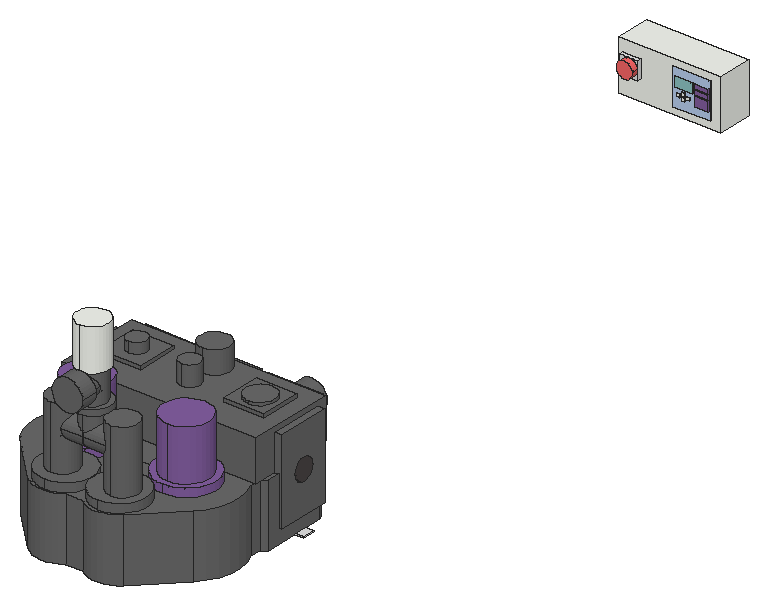
Revit family "11607", category Generic Models, Revit 2021
Family settings
  Can host rebar = No
  Round Connector Dimension = Use Diameter
  Part Type = Normal
  Work Plane-Based = No
  Always vertical = Yes
  Cut with Voids When Loaded = No
  Shared = Yes
  Room Calculation Point = No
Parameters (values of type "11607")
  SUPPLIER = "KESSEL"
  SA700ID50 = "intern"
  SA700ID49 = "Protection Class I"
  SA700ID48 = "no"
  SA700ID47 = "no"
  SA700ID46 = "yes"
  SA700ID37 = 8000 mm
  SA700ID34 = 40
  SA700ID33 = 1.4 W
  SA700ID32 = 58.83 kg
  SA700ID31 = 1
  SA700ID30 = 2
  SA700ID29 = "RWDR"
  SA700ID21 = 800
  SA700ID10 = "yes"
  SA700ID08 = 400 V
  PROCUREWEBLINK = "https://p.caden.as/kessel/11607"
  PROCURELINK = "p.caden.as/kessel/11607"
  PROCUREDATALASTUPDATE = "2024-05-22T12:17:38.998097598+01:00"
  PRC_SPECIFICATIONLINK = "https://ausschreiben.de/catalog/kessel/catalogItem/6db7ef33-879e-4c82-942b-9a51d00ad57a"
  NN = "Lifting station Aqualift F"
  NBSYN = "$SA810ID03."
  NB = "11607"
  Model = "11607"
  Manufacturer = "KESSEL"
  MIdent = "{$CADENAS_DATA/23d-libs/kessel/kessel_vdi_import/4/entwaesserung/hebeanlage20aqualift20f.prj},197 {STYP=ASS},{VTYP=3D},{NB=11607},{LINA=11607},{NN=Lifting station Aqualift F},{DATE=21.11.2022 10:45:45},{GEOMDATE=21.11.2022 10:45:45},{VERSION=},{LINEID=20},{WBVAR=LODLEVEL},{WBNUMERIC=LODLEVEL}  {NB=11607},{LINA=11607},{KT=DUMMY},{PREVIEW=../../bilder/ksb_w_11607.png},{SA700ID04=Hebeanlage Aqualift F Duo, Comfort, SPF 1500-S1, Schieber},{SA810ID06=04026092071052},{SA700ID34=40.00},{SA010ID03=201805},{SA810ID03=11607},{SA810ID10=Die Hebeanlage für fäkalienhaltiges und fäkalienfreies Abwasser ist mit zwei überflutbaren Pumpen sowie einem Rückflussverhinderer ausgestattet. Der Sammelbehälter aus dauerhaft beständigem Kunststoff (PE) bietet universale Anschlussmöglichkeiten und hat eine verschraubte Reinigungsöffnung.Die Steuerung erfolgt durch ein anwenderfreundliches Schaltgerät, das optional über einen potentialfreien Kontakt in die Gebäudeleittechnik eingebunden werden oder Alarm- und Sammelstörmeldungen über eine GSM-Schnittstelle (Comfort Schaltgerät) ausgeben kann.Ausführung:Absperreinrichtung: Schieber aus KunststoffAnlagenart: DoppelanlagePumpensteuerung: SchaltgerätRückflussverhinderer: integriertSchalldämmmatte: jaEinbausituation: freie AufstellungAbwasserart: fäkalienhaltigAllgemeine Merkmale:Farbe: schwarzNorm: EN 12050-1Abmessungen:Länge: 773 mmBreite: 780 mmHöhe: 788 mmBehälter/Grundkörper:Zulauf Anzahl: 2 STZulauf Nennweite (DN): 100 mmZulauf Nennweite (DA): 110 mmZulauf max. Anbohrung (DN): 150 mmAbstand Rohrsohle Zulauf zu Behälterboden: 245 mmAbstand Rohrmitte Auslauf zu Behälterboden: 590 mmAbstand Rohrmitte Zulauf zu Behälterboden: 300 mmAnschluss für Handmembranpumpe (DN): 32Behältervolumen: 120 lDruckabgang: waagerechtDruckabgang (DA): 110 mmDruckabgang (DN): 100 mmEntlüftungsanschluss (DN): 70 mmNutzvolumen: 50 lFreier Kugeldurchgang: 40 mmFördereinrichtung:Pumpe: SPF 1500Anzahl Pumpen: 2Förderhöhe max.: 8 mFörderleistung max.: 40 m3/hBetriebsart: S1Leistung P1: 1,4 kWLeistung P2: 1,1 kWDrehzahl: 1.415 U/minFörderguttemperatur (dauerhaft) max.: 40 °CAnschlusstyp: DirektanschlussGewicht: 27 kgLaufrad Typ: FreistromradLänge Netzanschlussleitung Pumpe: 5 mNennstrom: 2,7 ASchutzart Pumpe: IP 68 (3m/48h)Schutzklasse: ITyp Anschlussleitung Pumpe: H07RN-F 7G 1,5 mm2Temperaturüberwachung: integriertSteuerung:Schaltgerät: ComfortBetriebsspannung: 400 VNetzfrequenz: 50 HzSelbstdiagnosesystem (SDS): jaBatteriepufferung: jaMehrzeilige Displayanzeige: jaLogbuchfunktion: jaGSM-Schnittstelle: jaPotentialfreier Kontakt: jaErforderliche Absicherung (Leitungsschutz): 3 x C 16 AMotorschutz Schalter: jaSchutzart Schaltgerät: IP 54Länge Netzanschlussleitung Schaltgerät: 0 mArt Niveauerfassung: pneumatischInstrument Niveauerfassung: Tauchrohr mit DruckwächterAlarmgeber: Tauchrohr},{SA700ID37=8.00},{SA700ID33=1.40},{SA700ID08=400},{SA700ID30=2},{SA700ID32=58.83},{SA700ID49=Schutzklasse I},{SA700ID50=intern},{SA200ID03=6},{SA250ID03=vertikal},{SA260ID03=Trockenläuferpumpe},{SA350ID03=normalansaugend},{SA400ID03=E-Motor für Drehstrom},{SA460ID03=direkt},{SA500ID03=Kunststoff, Edelstahl},{SA700ID06=100},{SA700ID07=100},{SA700ID09=3/N/PE 400V},{SA700ID10=Ja},{SA700ID11=50},{SA700ID12=IP 68},{SA700ID13=F},{SA700ID15=40},{SA700ID21=800.00},{SA700ID22=1.10},{SA700ID23=1415},{SA700ID24=1415},{SA700ID26=2.70},{SA700ID27=21.00},{SA700ID28=durchgehend},{SA700ID29=RWDR},{SA700ID31=1},{SA700ID46=ja},{SA700ID47=nein},{SA700ID48=nein},{SA110ID04=Hebeanlage Aqualift F},{SA300ID03=einstufig},{SA700ID44=10.00},{SA700ID45=10.00},{SA010ID04=KESSEL AG},{LODLEVEL=200},{LINK=https://www.kessel.de/info?han=11607},{SA970ID01=970},{SA970ID02=7038},{SA970ID03=11607},{SA970ID04=11002617},{SA970ID05=QUAD},{SA970ID06=-409.99},{SA970ID07=-686},{SA970ID08=0},{SA970ID09=1},{SA970ID10=0},{SA970ID11=0},{SA970ID12=0},{SA970ID13=1},{SA970ID14=0},{SA970ID15=819.99},{SA970ID16=851},{SA970ID17=798.99},{LODLEVEL_=200,'Low'},{LODLEVEL_DEU=200,'Low'},{LINK_=https://www.kessel.de/info?han=11607},{LINK_DEU=https://www.kessel.de/info?han=11607},{LODLEVEL_3DB=11607_200},{DNIN1=100},{DNIN2=70},{DNIN3=10},{DNIN4=10},{DNIN5=10},{DNIN6=50},{DNIN7=50},{DNIN8=50},{DNIN9=50},{DNOUT1=100},{DNOUT2=70},{DNOUT3=32},{ISDIN1=75},{ISDIN2=83.200},{ISDIN3=10},{ISDOUT1=60.000},{ISDOUT2=73.200},{ISDOUT3=75},{SA010ID01=010},{SA010ID02=4},{SA010ID06=www.kessel.de},{SA010ID07=www.kessel.de},{SA010ID12=20180713},{SA010ID13=DEU},{SA010ID14=DE},{SA100ID01=100},{SA100ID02=4},{SA100ID04=Entwässerung},{SA110ID01=110},{SA110ID02=4},{SA200ID01=200},{SA200ID02=6},{SA250ID01=250},{SA250ID02=2},{SA260ID01=260},{SA260ID02=2},{SA300ID01=300},{SA300ID02=1},{SA350ID01=350},{SA350ID02=1},{SA400ID01=400},{SA400ID02=2},{SA460ID01=460},{SA460ID02=1},{SA500ID01=500},{SA500ID02=1},{SA700ID01=700},{SA700ID02=8},{SA700ID10_=1},{SA700ID16=0},{SA700ID25=0},{SA700ID46_=1},{SA700ID47_=0},{SA700ID48_=0},{SA700ID49_=1},{SA700ID50_=2},{SA800ID01=800},{SA800ID02=8},{SA810ID01=810},{SA810ID02=8},{SA810ID04=11607},{SA810ID07=8},{SA810ID09=1},{SA810ID14=PCE},{SA810ID15=1},{SA810ID16=NMP},{SA960ID03=8},{SA960ID04=3L},{SA960ID08=https://www.kessel.de/info?han=11607},{SA010ID08=4026092000007},{SA100ID05=Hebeanlage},{SA110ID06=Hebeanlage}"
  LINK = "https://www.kessel.de/info?han=11607"
  LINA = "11607"
  Default Elevation = 0 mm
  CREATOR = "CADENAS GmbH"
  CATALOG = "KESSEL"
  BOMINFO = "LINA"
  ARTICLENO = "NB"
  4.810.00.9 Order quantity (multiplicator) = "1"
  4.810.00.7 Media- connection number = "8"
  4.810.00.6 GTIN number = "04026092071052"
  4.810.00.4 DATANORM number = "11607"
  4.810.00.3 Producer order number = "11607"
  4.710.03.7 Mass (net) = 58.83 kg
  4.710.03.6 Height = 788 mm
  4.710.03.5 Width = 780 mm
  4.710.03.4 Length = 773 mm
  4.710.03.3 Type of dimensions = "2"
  4.710.02.8 Area of application of wastewater pump = "1"
  4.710.02.6 Duty type = "S1"
  4.710.02.5 Cutting device = "0"
  4.710.02.4 Attached pump control = "1"
  4.710.02.3 Free passage = 40 mm
  4.710.01.6 Option to connect to building automation = "40"
  4.710.01.5 Load regulation = "0"
  4.710.01.4 Designation of closed-loop control = "50"
  4.710.01.3 Identifier for closed-loop control = "120"
  4.700.00.9 Voltage = 0
  4.700.00.8 Nominal connection size on suction side = "100"
  4.700.00.7 Nominal connection size on pressure side = "100"
  4.700.00.6 Type of connection = "100"
  4.700.00.4 Product indentification = "Hebeanlage Aqualift F Duo, Comfort, SPF 1500-S1, Schieber"
  4.700.00.28 Motor pump shaft = "durchgehend"
  4.700.00.27 Starting current = 21
  4.700.00.26 Maximum power consumption per pump / drive = 2.7
  4.700.00.25 Minimum speed at internal speed adjustment = 0
  4.700.00.24 Nominal speed / maximum speed n = 23.5833
  4.700.00.23 Nominal speed of motor = 23.5833
  4.700.00.22 Maximum shaft output (P2) per pump/drive = 1.1 W
  4.700.00.16 Maximum temperature of pumped medium = 0 °C
  4.700.00.15 Increased safety class = "40 °C"
  4.700.00.13 Type of protection = "F"
  4.700.00.12 Frequency = 0
  4.700.00.11 Stern-/Dreieck-Anlaufschaltung bei Dreiphasenanschluss oder Drehstrom = "50 Hz"
  4.700.00.10 Phase = "1"
  4.500.00.3 Variant / Variant type / Accessories-name = "Kunststoff, Edelstahl"
  4.460.00.3 Variant / Variant type / Accessories-name = "direkt"
  4.400.00.3 Variant / Variant type / Accessories-name = "E-Motor für Drehstrom"
  4.350.00.3 Variant / Variant type / Accessories-name = "normalansaugend"
  4.300.00.3 Variant / Variant type / Accessories-name = "einstufig"
  4.260.00.3 Variant / Variant type / Accessories-name = "Trockenläuferpumpe"
  4.250.00.3 Variant / Variant type / Accessories-name = "vertikal"
  4.200.00.3 Variant / Variant type / Accessories-name = "6"
  4.110.00.6 Product classification = "Hebeanlage"
  4.110.00.4 Product indentification = "Hebeanlage Aqualift F"
  4.100.00.5 Main groups of wares = "Hebeanlage"
  4.100.00.4 Product indentification = "Entwässerung"
  4.010.00.8 Producer ID number = "4026092000007"
  4.010.00.7 Comment = "www.kessel.de"
  4.010.00.6 Web address of the manufacturer = "www.kessel.de"
  4.010.00.4 Manufacturer name = "KESSEL AG"
  4.010.00.3 Date of issuance (month) of guideline = "201805"
  4.010.00.2 Sheet number of the guideline = "4"
  4.010.00.14 Kennungen der Projektländer, für die die Datei gültig ist = "DE"
  4.010.00.13 Sprache der Datei = "DEU"
  4.010.00.12 Stand des Herstellerkatalogs = "20180713"
Reference planes
  plane 1 "Center (Front/Back)": y = 0
  plane 2: z = 0
  plane 3 "Center (Left/Right)": x = 0
Dimensions and locks
  aligned and locked: level to plane 2
Nested families
  nested 1: "11607_content" at (0, 0, 0), type "11607_Content"
  nested 2: "11607_part1_X0Y0" at (1000, 1000, 1200), type "11607_PART1_X0Y0"
  nested 3: "11607_part2_X0Y0" at (0, 0, 0), type "11607_PART2_X0Y0"
Connectors
  electrical at (861, 933, 1201.5)
    settings: on nested 2, index 1, voltage 0 V, apparent load 0 VA, apparent load phase1 0 VA, apparent load phase2 0 VA, apparent load phase3 0 VA, power factor 1, load classification "Other", number of poles 1, system type 31, power factor state 1, is connector primary yes, connector utility no, sub classification motor no, connector description ""
  piping at (230, 164.99, 301), diameter 100
    settings: on nested 3, index 2, connector inside diameter 609.6 mm, connector length 0 mm, flow factor 0, pipe flow 0.0 L/s, pressure drop 0.0 Pa, fitting loss kfactor 0, connector angle 0.00°, fixture units 0, engagement length 0 mm, angle of deflection 0.00°, flow configuration 0, flow direction 1, fitting loss method 2, system type 29, joint type 0, gender type 0, connector reference index -1, connector utility 0, adjustable connector no, is connector primary yes, connector description ""
  piping at (0, 0, 471), diameter 100
    settings: on nested 3, index 3, connector inside diameter 609.6 mm, connector length 0 mm, flow factor 0, pipe flow 0.0 L/s, pressure drop 0.0 Pa, fitting loss kfactor 0, connector angle 0.00°, fixture units 0, engagement length 0 mm, angle of deflection 0.00°, flow configuration 0, flow direction 1, fitting loss method 2, system type 29, joint type 0, gender type 0, connector reference index -1, connector utility 0, adjustable connector no, is connector primary no, connector description ""
  piping at (391.5, -74.999, 214), diameter 70
    settings: on nested 3, index 4, connector inside diameter 609.6 mm, connector length 0 mm, flow factor 0, pipe flow 0.0 L/s, pressure drop 0.0 Pa, fitting loss kfactor 0, connector angle 0.00°, fixture units 0, engagement length 0 mm, angle of deflection 0.00°, flow configuration 0, flow direction 0, fitting loss method 2, system type 29, joint type 0, gender type 0, connector reference index -1, connector utility 0, adjustable connector no, is connector primary no, connector description ""
  piping at (0.999, 96.5, 214), diameter 70
    settings: on nested 3, index 5, connector inside diameter 609.6 mm, connector length 0 mm, flow factor 0, pipe flow 0.0 L/s, pressure drop 0.0 Pa, fitting loss kfactor 0, connector angle 0.00°, fixture units 0, engagement length 0 mm, angle of deflection 0.00°, flow configuration 0, flow direction 0, fitting loss method 2, system type 29, joint type 0, gender type 0, connector reference index -1, connector utility 0, adjustable connector no, is connector primary no, connector description ""
  piping at (-230.25, 91.49, 214), diameter 70
    settings: on nested 3, index 6, connector inside diameter 609.6 mm, connector length 0 mm, flow factor 0, pipe flow 0.0 L/s, pressure drop 0.0 Pa, fitting loss kfactor 0, connector angle 0.00°, fixture units 0, engagement length 0 mm, angle of deflection 0.00°, flow configuration 0, flow direction 0, fitting loss method 2, system type 29, joint type 0, gender type 0, connector reference index -1, connector utility 0, adjustable connector no, is connector primary no, connector description ""
  piping at (0, -115, 461), diameter 70
    settings: on nested 3, index 7, connector inside diameter 609.6 mm, connector length 0 mm, flow factor 0, pipe flow 0.0 L/s, pressure drop 0.0 Pa, fitting loss kfactor 0, connector angle 0.00°, fixture units 0, engagement length 0 mm, angle of deflection 0.00°, flow configuration 0, flow direction 2, fitting loss method 2, system type 29, joint type 0, gender type 0, connector reference index -1, connector utility 0, adjustable connector no, is connector primary no, connector description ""
  piping at (0, -686, 591), diameter 100
    settings: on nested 3, index 8, connector inside diameter 609.6 mm, connector length 0 mm, flow factor 0, pipe flow 0.0 L/s, pressure drop 0.0 Pa, fitting loss kfactor 0, connector angle 0.00°, fixture units 0, engagement length 0 mm, angle of deflection 0.00°, flow configuration 0, flow direction 2, fitting loss method 2, system type 29, joint type 0, gender type 0, connector reference index -1, connector utility 0, adjustable connector no, is connector primary no, connector description ""
  piping at (230, 164.99, 81.07), diameter 32
    settings: on nested 3, index 9, connector inside diameter 609.6 mm, connector length 0 mm, flow factor 0, pipe flow 0.0 L/s, pressure drop 0.0 Pa, fitting loss kfactor 0, connector angle 0.00°, fixture units 0, engagement length 0 mm, angle of deflection 0.00°, flow configuration 0, flow direction 2, fitting loss method 2, system type 29, joint type 0, gender type 0, connector reference index -1, connector utility 0, adjustable connector no, is connector primary no, connector description ""
  piping at (-391.5, -75, 214), diameter 70
    settings: on nested 3, index 10, connector inside diameter 609.6 mm, connector length 0 mm, flow factor 0, pipe flow 0.0 L/s, pressure drop 0.0 Pa, fitting loss kfactor 0, connector angle 0.00°, fixture units 0, engagement length 0 mm, angle of deflection 0.00°, flow configuration 0, flow direction 0, fitting loss method 2, system type 29, joint type 0, gender type 0, connector reference index -1, connector utility 0, adjustable connector no, is connector primary no, connector description ""
  electrical at (185, -365, 457)
    settings: on nested 3, index 11, voltage 0 V, apparent load 0 VA, apparent load phase1 0 VA, apparent load phase2 0 VA, apparent load phase3 0 VA, power factor 1, load classification "Other", number of poles 1, system type 31, power factor state 1, is connector primary no, connector utility no, sub classification motor no, connector description ""
  electrical at (-185, -364.75, 457)
    settings: on nested 3, index 12, voltage 0 V, apparent load 0 VA, apparent load phase1 0 VA, apparent load phase2 0 VA, apparent load phase3 0 VA, power factor 1, load classification "Other", number of poles 1, system type 31, power factor state 1, is connector primary no, connector utility no, sub classification motor no, connector description ""
  electrical at (-230.6, -74.8, 436.49)
    settings: on nested 3, index 13, voltage 0 V, apparent load 0 VA, apparent load phase1 0 VA, apparent load phase2 0 VA, apparent load phase3 0 VA, power factor 1, load classification "Other", number of poles 1, system type 31, power factor state 1, is connector primary no, connector utility no, sub classification motor no, connector description ""
Definition of nested family "11607_part1_X0Y0"
  Parameters (values of type "11607_PART1_X0Y0")
    SUPPLIER = "KESSEL"
    SA700ID50 = "intern"
    SA700ID49 = "Protection Class I"
    SA700ID48 = "no"
    SA700ID47 = "no"
    SA700ID46 = "yes"
    SA700ID37 = 8000 mm
    SA700ID34 = 40
    SA700ID33 = 1.4 W
    SA700ID32 = 58.83 kg
    SA700ID31 = 1
    SA700ID30 = 2
    SA700ID29 = "RWDR"
    SA700ID21 = 800
    SA700ID10 = "yes"
    SA700ID08 = 400 V
    NBSYN = "$SA810ID03._PART1"
    NB = "11607_PART1"
    Model = "11607_PART1"
    Manufacturer = "KESSEL"
    MIdent = "{$CADENAS_DATA/23d-libs/kessel/kessel_vdi_import/4/entwaesserung/hebeanlage20aqualift20f.prj},217 {VTYP=3D},{NB=11607_PART1},{LINA=11607_PART1},{NN=Lifting station Aqualift F_PART1},{NOPRJ=TRUE},{DATE=21.11.2022 10:45:45},{GEOMDATE=21.11.2022 10:45:45},{VERSION=},{LINEID=20},{WBVAR=LODLEVEL},{WBNUMERIC=LODLEVEL}  {NB=11607_PART1},{LINA=11607_PART1},{KT=DUMMY},{PREVIEW=../../bilder/ksb_w_11607.png},{SA700ID04=Hebeanlage Aqualift F Duo, Comfort, SPF 1500-S1, Schieber},{SA810ID06=04026092071052},{SA700ID34=40.00},{SA010ID03=201805},{SA810ID03=11607},{SA810ID10=Die Hebeanlage für fäkalienhaltiges und fäkalienfreies Abwasser ist mit zwei überflutbaren Pumpen sowie einem Rückflussverhinderer ausgestattet. Der Sammelbehälter aus dauerhaft beständigem Kunststoff (PE) bietet universale Anschlussmöglichkeiten und hat eine verschraubte Reinigungsöffnung.Die Steuerung erfolgt durch ein anwenderfreundliches Schaltgerät, das optional über einen potentialfreien Kontakt in die Gebäudeleittechnik eingebunden werden oder Alarm- und Sammelstörmeldungen über eine GSM-Schnittstelle (Comfort Schaltgerät) ausgeben kann.Ausführung:Absperreinrichtung: Schieber aus KunststoffAnlagenart: DoppelanlagePumpensteuerung: SchaltgerätRückflussverhinderer: integriertSchalldämmmatte: jaEinbausituation: freie AufstellungAbwasserart: fäkalienhaltigAllgemeine Merkmale:Farbe: schwarzNorm: EN 12050-1Abmessungen:Länge: 773 mmBreite: 780 mmHöhe: 788 mmBehälter/Grundkörper:Zulauf Anzahl: 2 STZulauf Nennweite (DN): 100 mmZulauf Nennweite (DA): 110 mmZulauf max. Anbohrung (DN): 150 mmAbstand Rohrsohle Zulauf zu Behälterboden: 245 mmAbstand Rohrmitte Auslauf zu Behälterboden: 590 mmAbstand Rohrmitte Zulauf zu Behälterboden: 300 mmAnschluss für Handmembranpumpe (DN): 32Behältervolumen: 120 lDruckabgang: waagerechtDruckabgang (DA): 110 mmDruckabgang (DN): 100 mmEntlüftungsanschluss (DN): 70 mmNutzvolumen: 50 lFreier Kugeldurchgang: 40 mmFördereinrichtung:Pumpe: SPF 1500Anzahl Pumpen: 2Förderhöhe max.: 8 mFörderleistung max.: 40 m3/hBetriebsart: S1Leistung P1: 1,4 kWLeistung P2: 1,1 kWDrehzahl: 1.415 U/minFörderguttemperatur (dauerhaft) max.: 40 °CAnschlusstyp: DirektanschlussGewicht: 27 kgLaufrad Typ: FreistromradLänge Netzanschlussleitung Pumpe: 5 mNennstrom: 2,7 ASchutzart Pumpe: IP 68 (3m/48h)Schutzklasse: ITyp Anschlussleitung Pumpe: H07RN-F 7G 1,5 mm2Temperaturüberwachung: integriertSteuerung:Schaltgerät: ComfortBetriebsspannung: 400 VNetzfrequenz: 50 HzSelbstdiagnosesystem (SDS): jaBatteriepufferung: jaMehrzeilige Displayanzeige: jaLogbuchfunktion: jaGSM-Schnittstelle: jaPotentialfreier Kontakt: jaErforderliche Absicherung (Leitungsschutz): 3 x C 16 AMotorschutz Schalter: jaSchutzart Schaltgerät: IP 54Länge Netzanschlussleitung Schaltgerät: 0 mArt Niveauerfassung: pneumatischInstrument Niveauerfassung: Tauchrohr mit DruckwächterAlarmgeber: Tauchrohr},{SA700ID37=8.00},{SA700ID33=1.40},{SA700ID08=400},{SA700ID30=2},{SA700ID32=58.83},{SA700ID49=Schutzklasse I},{SA700ID50=intern},{SA200ID03=6},{SA250ID03=vertikal},{SA260ID03=Trockenläuferpumpe},{SA350ID03=normalansaugend},{SA400ID03=E-Motor für Drehstrom},{SA460ID03=direkt},{SA500ID03=Kunststoff, Edelstahl},{SA700ID06=100},{SA700ID07=100},{SA700ID09=3/N/PE 400V},{SA700ID10=Ja},{SA700ID11=50},{SA700ID12=IP 68},{SA700ID13=F},{SA700ID15=40},{SA700ID21=800.00},{SA700ID22=1.10},{SA700ID23=1415},{SA700ID24=1415},{SA700ID26=2.70},{SA700ID27=21.00},{SA700ID28=durchgehend},{SA700ID29=RWDR},{SA700ID31=1},{SA700ID46=ja},{SA700ID47=nein},{SA700ID48=nein},{SA110ID04=Hebeanlage Aqualift F},{SA300ID03=einstufig},{SA700ID44=10.00},{SA700ID45=10.00},{SA010ID04=KESSEL AG},{LODLEVEL=200},{LINK=https://www.kessel.de/info?han=11607},{SA970ID01=970},{SA970ID02=7038},{SA970ID03=11607},{SA970ID04=11002617},{SA970ID05=QUAD},{SA970ID06=-409.99},{SA970ID07=-686},{SA970ID08=0},{SA970ID09=1},{SA970ID10=0},{SA970ID11=0},{SA970ID12=0},{SA970ID13=1},{SA970ID14=0},{SA970ID15=819.99},{SA970ID16=851},{SA970ID17=798.99},{LODLEVEL_=200,'Low'},{LODLEVEL_DEU=200,'Low'},{LINK_=https://www.kessel.de/info?han=11607},{LINK_DEU=https://www.kessel.de/info?han=11607},{LODLEVEL_3DB=11607_200},{DNIN1=100},{DNIN2=70},{DNIN3=10},{DNIN4=10},{DNIN5=10},{DNIN6=50},{DNIN7=50},{DNIN8=50},{DNIN9=50},{DNOUT1=100},{DNOUT2=70},{DNOUT3=32},{ISDIN1=75},{ISDIN2=83.200},{ISDIN3=10},{ISDOUT1=60.000},{ISDOUT2=73.200},{ISDOUT3=75},{SA010ID01=010},{SA010ID02=4},{SA010ID06=www.kessel.de},{SA010ID07=www.kessel.de},{SA010ID12=20180713},{SA010ID13=DEU},{SA010ID14=DE},{SA100ID01=100},{SA100ID02=4},{SA100ID04=Entwässerung},{SA110ID01=110},{SA110ID02=4},{SA200ID01=200},{SA200ID02=6},{SA250ID01=250},{SA250ID02=2},{SA260ID01=260},{SA260ID02=2},{SA300ID01=300},{SA300ID02=1},{SA350ID01=350},{SA350ID02=1},{SA400ID01=400},{SA400ID02=2},{SA460ID01=460},{SA460ID02=1},{SA500ID01=500},{SA500ID02=1},{SA700ID01=700},{SA700ID02=8},{SA700ID10_=1},{SA700ID16=0},{SA700ID25=0},{SA700ID46_=1},{SA700ID47_=0},{SA700ID48_=0},{SA700ID49_=1},{SA700ID50_=2},{SA800ID01=800},{SA800ID02=8},{SA810ID01=810},{SA810ID02=8},{SA810ID04=11607},{SA810ID07=8},{SA810ID09=1},{SA810ID14=PCE},{SA810ID15=1},{SA810ID16=NMP},{SA960ID03=8},{SA960ID04=3L},{SA960ID08=https://www.kessel.de/info?han=11607},{SA010ID08=4026092000007},{SA100ID05=Hebeanlage},{SA110ID06=Hebeanlage}"
    LINK = "https://www.kessel.de/info?han=11607"
    LINA = "11607_PART1"
    Default Elevation = 1219.2 mm
    CREATOR = "CADENAS GmbH"
    CATALOG = "KESSEL"
    BOMINFO = "LINA"
    ARTICLENO = "NB"
    4.810.00.9 Order quantity (multiplicator) = "1"
    4.810.00.7 Media- connection number = "8"
    4.810.00.6 GTIN number = "04026092071052"
    4.810.00.4 DATANORM number = "11607"
    4.810.00.3 Producer order number = "11607"
    4.710.03.7 Mass (net) = 58.83 kg
    4.710.03.6 Height = 788 mm
    4.710.03.5 Width = 780 mm
    4.710.03.4 Length = 773 mm
    4.710.03.3 Type of dimensions = "2"
    4.710.02.8 Area of application of wastewater pump = "1"
    4.710.02.6 Duty type = "S1"
    4.710.02.5 Cutting device = "0"
    4.710.02.4 Attached pump control = "1"
    4.710.02.3 Free passage = 40 mm
    4.710.01.6 Option to connect to building automation = "40"
    4.710.01.5 Load regulation = "0"
    4.710.01.4 Designation of closed-loop control = "50"
    4.710.01.3 Identifier for closed-loop control = "120"
    4.700.00.9 Voltage = 0
    4.700.00.8 Nominal connection size on suction side = "100"
    4.700.00.7 Nominal connection size on pressure side = "100"
    4.700.00.6 Type of connection = "100"
    4.700.00.4 Product indentification = "Hebeanlage Aqualift F Duo, Comfort, SPF 1500-S1, Schieber"
    4.700.00.28 Motor pump shaft = "durchgehend"
    4.700.00.27 Starting current = 21
    4.700.00.26 Maximum power consumption per pump / drive = 2.7
    4.700.00.25 Minimum speed at internal speed adjustment = 0
    4.700.00.24 Nominal speed / maximum speed n = 23.5833
    4.700.00.23 Nominal speed of motor = 23.5833
    4.700.00.22 Maximum shaft output (P2) per pump/drive = 1.1 W
    4.700.00.16 Maximum temperature of pumped medium = 0 °C
    4.700.00.15 Increased safety class = "40 °C"
    4.700.00.13 Type of protection = "F"
    4.700.00.12 Frequency = 0
    4.700.00.11 Stern-/Dreieck-Anlaufschaltung bei Dreiphasenanschluss oder Drehstrom = "50 Hz"
    4.700.00.10 Phase = "1"
    4.500.00.3 Variant / Variant type / Accessories-name = "Kunststoff, Edelstahl"
    4.460.00.3 Variant / Variant type / Accessories-name = "direkt"
    4.400.00.3 Variant / Variant type / Accessories-name = "E-Motor für Drehstrom"
    4.350.00.3 Variant / Variant type / Accessories-name = "normalansaugend"
    4.300.00.3 Variant / Variant type / Accessories-name = "einstufig"
    4.260.00.3 Variant / Variant type / Accessories-name = "Trockenläuferpumpe"
    4.250.00.3 Variant / Variant type / Accessories-name = "vertikal"
    4.200.00.3 Variant / Variant type / Accessories-name = "6"
    4.110.00.6 Product classification = "Hebeanlage"
    4.110.00.4 Product indentification = "Hebeanlage Aqualift F"
    4.100.00.5 Main groups of wares = "Hebeanlage"
    4.100.00.4 Product indentification = "Entwässerung"
    4.010.00.8 Producer ID number = "4026092000007"
    4.010.00.7 Comment = "www.kessel.de"
    4.010.00.6 Web address of the manufacturer = "www.kessel.de"
    4.010.00.4 Manufacturer name = "KESSEL AG"
    4.010.00.3 Date of issuance (month) of guideline = "201805"
    4.010.00.2 Sheet number of the guideline = "4"
    4.010.00.14 Kennungen der Projektländer, für die die Datei gültig ist = "DE"
    4.010.00.13 Sprache der Datei = "DEU"
    4.010.00.12 Stand des Herstellerkatalogs = "20180713"
  Reference planes
    plane 1 "Center (Front/Back)": y = 0
    plane 2: z = 0
    plane 3 "Center (Left/Right)": x = 0
  Dimensions and locks
    aligned and locked: level to plane 2
  Nested families
    nested 1: "11607_part1_content" at (0, 0, 0), type "11607_PART1_Content"
  Definition of nested family "11607_part1_content"
    Parameters (values of type "11607_PART1_Content")
      SUPPLIER = "KESSEL"
      SA700ID50 = "intern"
      SA700ID49 = "Protection Class I"
      SA700ID48 = "no"
      SA700ID47 = "no"
      SA700ID46 = "yes"
      SA700ID37 = 8000 mm
      SA700ID34 = 40
      SA700ID33 = 1.4 W
      SA700ID32 = 58.83 kg
      SA700ID31 = 1
      SA700ID30 = 2
      SA700ID29 = "RWDR"
      SA700ID21 = 800
      SA700ID10 = "yes"
      SA700ID08 = 400 V
      NBSYN = "$SA810ID03._PART1"
      NB = "11607_PART1"
      Model = "11607_PART1"
      Manufacturer = "KESSEL"
      LINK = "https://www.kessel.de/info?han=11607"
      LINA = "11607_PART1"
      Default Elevation = 1219.2 mm
      CREATOR = "CADENAS GmbH"
      CATALOG = "KESSEL"
      BOMINFO = "LINA"
      ARTICLENO = "NB"
      4.810.00.9 Order quantity (multiplicator) = "1"
      4.810.00.7 Media- connection number = "8"
      4.810.00.6 GTIN number = "04026092071052"
      4.810.00.4 DATANORM number = "11607"
      4.810.00.3 Producer order number = "11607"
      4.710.03.7 Mass (net) = 58.83 kg
      4.710.03.6 Height = 788 mm
      4.710.03.5 Width = 780 mm
      4.710.03.4 Length = 773 mm
      4.710.03.3 Type of dimensions = "2"
      4.710.02.8 Area of application of wastewater pump = "1"
      4.710.02.6 Duty type = "S1"
      4.710.02.5 Cutting device = "0"
      4.710.02.4 Attached pump control = "1"
      4.710.02.3 Free passage = 40 mm
      4.710.01.6 Option to connect to building automation = "40"
      4.710.01.5 Load regulation = "0"
      4.710.01.4 Designation of closed-loop control = "50"
      4.710.01.3 Identifier for closed-loop control = "120"
      4.700.00.9 Voltage = 0
      4.700.00.8 Nominal connection size on suction side = "100"
      4.700.00.7 Nominal connection size on pressure side = "100"
      4.700.00.6 Type of connection = "100"
      4.700.00.4 Product indentification = "Hebeanlage Aqualift F Duo, Comfort, SPF 1500-S1, Schieber"
      4.700.00.28 Motor pump shaft = "durchgehend"
      4.700.00.27 Starting current = 21
      4.700.00.26 Maximum power consumption per pump / drive = 2.7
      4.700.00.25 Minimum speed at internal speed adjustment = 0
      4.700.00.24 Nominal speed / maximum speed n = 23.5833
      4.700.00.23 Nominal speed of motor = 23.5833
      4.700.00.22 Maximum shaft output (P2) per pump/drive = 1.1 W
      4.700.00.16 Maximum temperature of pumped medium = 0 °C
      4.700.00.15 Increased safety class = "40 °C"
      4.700.00.13 Type of protection = "F"
      4.700.00.12 Frequency = 0
      4.700.00.11 Stern-/Dreieck-Anlaufschaltung bei Dreiphasenanschluss oder Drehstrom = "50 Hz"
      4.700.00.10 Phase = "1"
      4.500.00.3 Variant / Variant type / Accessories-name = "Kunststoff, Edelstahl"
      4.460.00.3 Variant / Variant type / Accessories-name = "direkt"
      4.400.00.3 Variant / Variant type / Accessories-name = "E-Motor für Drehstrom"
      4.350.00.3 Variant / Variant type / Accessories-name = "normalansaugend"
      4.300.00.3 Variant / Variant type / Accessories-name = "einstufig"
      4.260.00.3 Variant / Variant type / Accessories-name = "Trockenläuferpumpe"
      4.250.00.3 Variant / Variant type / Accessories-name = "vertikal"
      4.200.00.3 Variant / Variant type / Accessories-name = "6"
      4.110.00.6 Product classification = "Hebeanlage"
      4.110.00.4 Product indentification = "Hebeanlage Aqualift F"
      4.100.00.5 Main groups of wares = "Hebeanlage"
      4.100.00.4 Product indentification = "Entwässerung"
      4.010.00.8 Producer ID number = "4026092000007"
      4.010.00.7 Comment = "www.kessel.de"
      4.010.00.6 Web address of the manufacturer = "www.kessel.de"
      4.010.00.4 Manufacturer name = "KESSEL AG"
      4.010.00.3 Date of issuance (month) of guideline = "201805"
      4.010.00.2 Sheet number of the guideline = "4"
      4.010.00.14 Kennungen der Projektländer, für die die Datei gültig ist = "DE"
      4.010.00.13 Sprache der Datei = "DEU"
      4.010.00.12 Stand des Herstellerkatalogs = "20180713"
    Reference planes
      plane 1 "Center (Front/Back)": y = 0
      plane 2: z = 0
      plane 3 "Center (Left/Right)": x = 0
    Forms (mm)
      Extrusion 1, solid, detail levels medium+fine
        sketch origin (189.25, -1.75, 0.2) x (0, -1, 0) y (0, 0, 1)
          loop
            line (0, 187.8) -> (0, 0) -> (127.75, 0) -> (127.75, 187.8) -> (0, 187.8)
        from 0 to 378.5
      Extrusion 2, solid, detail levels medium+fine
        sketch origin (-4, -67, 0) x (0, 1, 0) y (-1, 0, 0)
          loop
            circle (0, 0) r 12.5
        from 0 to 1.5
      Extrusion 3, solid, detail levels medium+fine
        sketch origin (150.8, -129.5, 26.5) x (0, -1, 0) y (0, 0, 1)
          loop
            line (-1.2, 134.8) -> (-1.2, 0) -> (0.25, 0) -> (0.25, 134.8) -> (-1.2, 134.8)
        from 0 to 139.9
      Extrusion 4, solid, detail levels medium+fine
        sketch origin (72.55, -129.75, 66) x (0, -1, 0) y (0, 0, 1)
          loop
            line (-1, 12) -> (-1, 0) -> (0.5, 0) -> (0.5, 12) -> (-1, 12)
        from 0 to 12
      Extrusion 5, solid, detail levels medium+fine
        sketch origin (84.45, -129.75, 93.4) x (0, -1, 0) y (0, 0, 1)
          loop
            line (-1, 37) -> (-1, 0) -> (0.5, 0) -> (0.5, 37) -> (-1, 37)
        from 0 to 66
      Extrusion 6, solid, detail levels medium+fine
        sketch origin (55.3, -129.75, 74) x (0, -1, 0) y (0, 0, 1)
          loop
            line (-1, 12) -> (-1, 0) -> (0.5, 0) -> (0.5, 12) -> (-1, 12)
        from 0 to 12
      Extrusion 7, solid, detail levels medium+fine
        sketch origin (143.3, -129.75, 94.4) x (0, -1, 0) y (0, 0, 1)
          loop
            line (0, 16) -> (0, 0) -> (1.75, 0) -> (1.75, 16) -> (0, 16)
        from 0 to 51
      Extrusion 8, solid, detail levels medium+fine
        sketch origin (143.3, -129.75, 54.4) x (0, -1, 0) y (0, 0, 1)
          loop
            line (0, 36) -> (0, 0) -> (1.75, 0) -> (1.75, 36) -> (0, 36)
        from 0 to 51
      Extrusion 9, solid, detail levels medium+fine
        sketch origin (55.3, -129.75, 57.5) x (0, -1, 0) y (0, 0, 1)
          loop
            line (-1, 12) -> (-1, 0) -> (0.5, 0) -> (0.5, 12) -> (-1, 12)
        from 0 to 12
      Extrusion 10, solid, detail levels medium+fine
        sketch origin (143.3, -129.75, 114.4) x (0, -1, 0) y (0, 0, 1)
          loop
            line (0, 16) -> (0, 0) -> (1.75, 0) -> (1.75, 16) -> (0, 16)
        from 0 to 51
      Extrusion 11, solid, detail levels medium+fine
        sketch origin (38.05, -129.75, 66) x (0, -1, 0) y (0, 0, 1)
          loop
            line (-1, 12) -> (-1, 0) -> (0.5, 0) -> (0.5, 12) -> (-1, 12)
        from 0 to 12
      Extrusion 12, solid, detail levels medium+fine
        sketch origin (47, -72, 0) x (0, 1, 0) y (-1, 0, 0)
          loop
            circle (0, 0) r 8
        from 0 to 1.5
      Extrusion 13, solid, detail levels medium+fine
        sketch origin (47, -42, 0) x (0, 1, 0) y (-1, 0, 0)
          loop
            circle (0, 0) r 5.25
        from 0 to 1.5
      Extrusion 14, solid, detail levels medium+fine
        sketch origin (77, -72, 0) x (0, 1, 0) y (-1, 0, 0)
          loop
            circle (0, 0) r 8
        from 0 to 1.5
      Extrusion 15, solid, detail levels medium+fine
        sketch origin (-94, -67, 0) x (0, 1, 0) y (-1, 0, 0)
          loop
            circle (0, 0) r 12.5
        from 0 to 1.5
      Extrusion 16, solid, detail levels medium+fine
        sketch origin (92, -42, 0) x (0, 1, 0) y (-1, 0, 0)
          loop
            circle (0, 0) r 8
        from 0 to 1.5
      Extrusion 17, solid, detail levels medium+fine
        sketch origin (107, -72, 0) x (0, 1, 0) y (-1, 0, 0)
          loop
            circle (0, 0) r 8
        from 0 to 1.5
      Extrusion 18, solid, detail levels medium+fine
        sketch origin (122, -42, 0) x (0, 1, 0) y (-1, 0, 0)
          loop
            circle (0, 0) r 8
        from 0 to 1.5
      Extrusion 19, solid, detail levels medium+fine
        sketch origin (-107.7, -129.5, 76.9) x (0, -1, 0) y (0, 0, 1)
          loop
            line (0, 67) -> (0, 0) -> (14, 0) -> (14, 67) -> (0, 67)
        from 0 to 67
      Extrusion 20, solid, detail levels medium+fine
        sketch origin (-141.2, -143.5, 110.4) x (1, 0, 0) y (0, 0, 1)
          loop
            circle (0, 0) r 30
        from 0 to 22
      Extrusion 21, solid, detail levels medium+fine
        sketch origin (127, -15, 0) x (0, 1, 0) y (-1, 0, 0)
          loop
            circle (0, 0) r 6
        from 0 to 1.5
      Extrusion 22, solid, detail levels medium+fine
        sketch origin (137, -72, 0) x (0, 1, 0) y (-1, 0, 0)
          loop
            circle (0, 0) r 8
        from 0 to 1.5
      Extrusion 23, solid, detail levels medium+fine
        sketch origin (-139, -67, 0) x (0, 1, 0) y (-1, 0, 0)
          loop
            circle (0, 0) r 12.5
        from 0 to 1.5
      Extrusion 24, solid, detail levels medium+fine
        sketch origin (152, -42, 0) x (0, 1, 0) y (-1, 0, 0)
          loop
            circle (0, 0) r 8
        from 0 to 1.5
      Extrusion 25, solid, detail levels coarse
        sketch origin (0, -83.625, 0) x (1, 0, 0) y (0, 1, 0)
          loop
            line (-189.25, -81.875) -> (189.25, -81.875) -> (189.25, 81.875) -> (-189.25, 81.875) -> (-189.25, -81.875)
        from 0 to 188
    Dimensions and locks
      aligned and locked: level to plane 2
Definition of nested family "11607_part2_X0Y0"
  Parameters (values of type "11607_PART2_X0Y0")
    SUPPLIER = "KESSEL"
    SA700ID50 = "intern"
    SA700ID49 = "Protection Class I"
    SA700ID48 = "no"
    SA700ID47 = "no"
    SA700ID46 = "yes"
    SA700ID37 = 8000 mm
    SA700ID34 = 40
    SA700ID33 = 1.4 W
    SA700ID32 = 58.83 kg
    SA700ID31 = 1
    SA700ID30 = 2
    SA700ID29 = "RWDR"
    SA700ID21 = 800
    SA700ID10 = "yes"
    SA700ID08 = 400 V
    NBSYN = "$SA810ID03._PART2"
    NB = "11607_PART2"
    Model = "11607_PART2"
    Manufacturer = "KESSEL"
    MIdent = "{$CADENAS_DATA/23d-libs/kessel/kessel_vdi_import/4/entwaesserung/hebeanlage20aqualift20f.prj},217 {VTYP=3D},{NB=11607_PART2},{LINA=11607_PART2},{NN=Lifting station Aqualift F_PART2},{NOPRJ=TRUE},{DATE=21.11.2022 10:45:45},{GEOMDATE=21.11.2022 10:45:45},{VERSION=},{LINEID=20},{WBVAR=LODLEVEL},{WBNUMERIC=LODLEVEL}  {NB=11607_PART2},{LINA=11607_PART2},{KT=DUMMY},{PREVIEW=../../bilder/ksb_w_11607.png},{SA700ID04=Hebeanlage Aqualift F Duo, Comfort, SPF 1500-S1, Schieber},{SA810ID06=04026092071052},{SA700ID34=40.00},{SA010ID03=201805},{SA810ID03=11607},{SA810ID10=Die Hebeanlage für fäkalienhaltiges und fäkalienfreies Abwasser ist mit zwei überflutbaren Pumpen sowie einem Rückflussverhinderer ausgestattet. Der Sammelbehälter aus dauerhaft beständigem Kunststoff (PE) bietet universale Anschlussmöglichkeiten und hat eine verschraubte Reinigungsöffnung.Die Steuerung erfolgt durch ein anwenderfreundliches Schaltgerät, das optional über einen potentialfreien Kontakt in die Gebäudeleittechnik eingebunden werden oder Alarm- und Sammelstörmeldungen über eine GSM-Schnittstelle (Comfort Schaltgerät) ausgeben kann.Ausführung:Absperreinrichtung: Schieber aus KunststoffAnlagenart: DoppelanlagePumpensteuerung: SchaltgerätRückflussverhinderer: integriertSchalldämmmatte: jaEinbausituation: freie AufstellungAbwasserart: fäkalienhaltigAllgemeine Merkmale:Farbe: schwarzNorm: EN 12050-1Abmessungen:Länge: 773 mmBreite: 780 mmHöhe: 788 mmBehälter/Grundkörper:Zulauf Anzahl: 2 STZulauf Nennweite (DN): 100 mmZulauf Nennweite (DA): 110 mmZulauf max. Anbohrung (DN): 150 mmAbstand Rohrsohle Zulauf zu Behälterboden: 245 mmAbstand Rohrmitte Auslauf zu Behälterboden: 590 mmAbstand Rohrmitte Zulauf zu Behälterboden: 300 mmAnschluss für Handmembranpumpe (DN): 32Behältervolumen: 120 lDruckabgang: waagerechtDruckabgang (DA): 110 mmDruckabgang (DN): 100 mmEntlüftungsanschluss (DN): 70 mmNutzvolumen: 50 lFreier Kugeldurchgang: 40 mmFördereinrichtung:Pumpe: SPF 1500Anzahl Pumpen: 2Förderhöhe max.: 8 mFörderleistung max.: 40 m3/hBetriebsart: S1Leistung P1: 1,4 kWLeistung P2: 1,1 kWDrehzahl: 1.415 U/minFörderguttemperatur (dauerhaft) max.: 40 °CAnschlusstyp: DirektanschlussGewicht: 27 kgLaufrad Typ: FreistromradLänge Netzanschlussleitung Pumpe: 5 mNennstrom: 2,7 ASchutzart Pumpe: IP 68 (3m/48h)Schutzklasse: ITyp Anschlussleitung Pumpe: H07RN-F 7G 1,5 mm2Temperaturüberwachung: integriertSteuerung:Schaltgerät: ComfortBetriebsspannung: 400 VNetzfrequenz: 50 HzSelbstdiagnosesystem (SDS): jaBatteriepufferung: jaMehrzeilige Displayanzeige: jaLogbuchfunktion: jaGSM-Schnittstelle: jaPotentialfreier Kontakt: jaErforderliche Absicherung (Leitungsschutz): 3 x C 16 AMotorschutz Schalter: jaSchutzart Schaltgerät: IP 54Länge Netzanschlussleitung Schaltgerät: 0 mArt Niveauerfassung: pneumatischInstrument Niveauerfassung: Tauchrohr mit DruckwächterAlarmgeber: Tauchrohr},{SA700ID37=8.00},{SA700ID33=1.40},{SA700ID08=400},{SA700ID30=2},{SA700ID32=58.83},{SA700ID49=Schutzklasse I},{SA700ID50=intern},{SA200ID03=6},{SA250ID03=vertikal},{SA260ID03=Trockenläuferpumpe},{SA350ID03=normalansaugend},{SA400ID03=E-Motor für Drehstrom},{SA460ID03=direkt},{SA500ID03=Kunststoff, Edelstahl},{SA700ID06=100},{SA700ID07=100},{SA700ID09=3/N/PE 400V},{SA700ID10=Ja},{SA700ID11=50},{SA700ID12=IP 68},{SA700ID13=F},{SA700ID15=40},{SA700ID21=800.00},{SA700ID22=1.10},{SA700ID23=1415},{SA700ID24=1415},{SA700ID26=2.70},{SA700ID27=21.00},{SA700ID28=durchgehend},{SA700ID29=RWDR},{SA700ID31=1},{SA700ID46=ja},{SA700ID47=nein},{SA700ID48=nein},{SA110ID04=Hebeanlage Aqualift F},{SA300ID03=einstufig},{SA700ID44=10.00},{SA700ID45=10.00},{SA010ID04=KESSEL AG},{LODLEVEL=200},{LINK=https://www.kessel.de/info?han=11607},{SA970ID01=970},{SA970ID02=7038},{SA970ID03=11607},{SA970ID04=11002617},{SA970ID05=QUAD},{SA970ID06=-409.99},{SA970ID07=-686},{SA970ID08=0},{SA970ID09=1},{SA970ID10=0},{SA970ID11=0},{SA970ID12=0},{SA970ID13=1},{SA970ID14=0},{SA970ID15=819.99},{SA970ID16=851},{SA970ID17=798.99},{LODLEVEL_=200,'Low'},{LODLEVEL_DEU=200,'Low'},{LINK_=https://www.kessel.de/info?han=11607},{LINK_DEU=https://www.kessel.de/info?han=11607},{LODLEVEL_3DB=11607_200},{DNIN1=100},{DNIN2=70},{DNIN3=10},{DNIN4=10},{DNIN5=10},{DNIN6=50},{DNIN7=50},{DNIN8=50},{DNIN9=50},{DNOUT1=100},{DNOUT2=70},{DNOUT3=32},{ISDIN1=75},{ISDIN2=83.200},{ISDIN3=10},{ISDOUT1=60.000},{ISDOUT2=73.200},{ISDOUT3=75},{SA010ID01=010},{SA010ID02=4},{SA010ID06=www.kessel.de},{SA010ID07=www.kessel.de},{SA010ID12=20180713},{SA010ID13=DEU},{SA010ID14=DE},{SA100ID01=100},{SA100ID02=4},{SA100ID04=Entwässerung},{SA110ID01=110},{SA110ID02=4},{SA200ID01=200},{SA200ID02=6},{SA250ID01=250},{SA250ID02=2},{SA260ID01=260},{SA260ID02=2},{SA300ID01=300},{SA300ID02=1},{SA350ID01=350},{SA350ID02=1},{SA400ID01=400},{SA400ID02=2},{SA460ID01=460},{SA460ID02=1},{SA500ID01=500},{SA500ID02=1},{SA700ID01=700},{SA700ID02=8},{SA700ID10_=1},{SA700ID16=0},{SA700ID25=0},{SA700ID46_=1},{SA700ID47_=0},{SA700ID48_=0},{SA700ID49_=1},{SA700ID50_=2},{SA800ID01=800},{SA800ID02=8},{SA810ID01=810},{SA810ID02=8},{SA810ID04=11607},{SA810ID07=8},{SA810ID09=1},{SA810ID14=PCE},{SA810ID15=1},{SA810ID16=NMP},{SA960ID03=8},{SA960ID04=3L},{SA960ID08=https://www.kessel.de/info?han=11607},{SA010ID08=4026092000007},{SA100ID05=Hebeanlage},{SA110ID06=Hebeanlage}"
    LINK = "https://www.kessel.de/info?han=11607"
    LINA = "11607_PART2"
    Default Elevation = 1219.2 mm
    CREATOR = "CADENAS GmbH"
    CATALOG = "KESSEL"
    BOMINFO = "LINA"
    ARTICLENO = "NB"
    4.810.00.9 Order quantity (multiplicator) = "1"
    4.810.00.7 Media- connection number = "8"
    4.810.00.6 GTIN number = "04026092071052"
    4.810.00.4 DATANORM number = "11607"
    4.810.00.3 Producer order number = "11607"
    4.710.03.7 Mass (net) = 58.83 kg
    4.710.03.6 Height = 788 mm
    4.710.03.5 Width = 780 mm
    4.710.03.4 Length = 773 mm
    4.710.03.3 Type of dimensions = "2"
    4.710.02.8 Area of application of wastewater pump = "1"
    4.710.02.6 Duty type = "S1"
    4.710.02.5 Cutting device = "0"
    4.710.02.4 Attached pump control = "1"
    4.710.02.3 Free passage = 40 mm
    4.710.01.6 Option to connect to building automation = "40"
    4.710.01.5 Load regulation = "0"
    4.710.01.4 Designation of closed-loop control = "50"
    4.710.01.3 Identifier for closed-loop control = "120"
    4.700.00.9 Voltage = 0
    4.700.00.8 Nominal connection size on suction side = "100"
    4.700.00.7 Nominal connection size on pressure side = "100"
    4.700.00.6 Type of connection = "100"
    4.700.00.4 Product indentification = "Hebeanlage Aqualift F Duo, Comfort, SPF 1500-S1, Schieber"
    4.700.00.28 Motor pump shaft = "durchgehend"
    4.700.00.27 Starting current = 21
    4.700.00.26 Maximum power consumption per pump / drive = 2.7
    4.700.00.25 Minimum speed at internal speed adjustment = 0
    4.700.00.24 Nominal speed / maximum speed n = 23.5833
    4.700.00.23 Nominal speed of motor = 23.5833
    4.700.00.22 Maximum shaft output (P2) per pump/drive = 1.1 W
    4.700.00.16 Maximum temperature of pumped medium = 0 °C
    4.700.00.15 Increased safety class = "40 °C"
    4.700.00.13 Type of protection = "F"
    4.700.00.12 Frequency = 0
    4.700.00.11 Stern-/Dreieck-Anlaufschaltung bei Dreiphasenanschluss oder Drehstrom = "50 Hz"
    4.700.00.10 Phase = "1"
    4.500.00.3 Variant / Variant type / Accessories-name = "Kunststoff, Edelstahl"
    4.460.00.3 Variant / Variant type / Accessories-name = "direkt"
    4.400.00.3 Variant / Variant type / Accessories-name = "E-Motor für Drehstrom"
    4.350.00.3 Variant / Variant type / Accessories-name = "normalansaugend"
    4.300.00.3 Variant / Variant type / Accessories-name = "einstufig"
    4.260.00.3 Variant / Variant type / Accessories-name = "Trockenläuferpumpe"
    4.250.00.3 Variant / Variant type / Accessories-name = "vertikal"
    4.200.00.3 Variant / Variant type / Accessories-name = "6"
    4.110.00.6 Product classification = "Hebeanlage"
    4.110.00.4 Product indentification = "Hebeanlage Aqualift F"
    4.100.00.5 Main groups of wares = "Hebeanlage"
    4.100.00.4 Product indentification = "Entwässerung"
    4.010.00.8 Producer ID number = "4026092000007"
    4.010.00.7 Comment = "www.kessel.de"
    4.010.00.6 Web address of the manufacturer = "www.kessel.de"
    4.010.00.4 Manufacturer name = "KESSEL AG"
    4.010.00.3 Date of issuance (month) of guideline = "201805"
    4.010.00.2 Sheet number of the guideline = "4"
    4.010.00.14 Kennungen der Projektländer, für die die Datei gültig ist = "DE"
    4.010.00.13 Sprache der Datei = "DEU"
    4.010.00.12 Stand des Herstellerkatalogs = "20180713"
  Reference planes
    plane 1 "Center (Front/Back)": y = 0
    plane 2: z = 0
    plane 3 "Center (Left/Right)": x = 0
  Dimensions and locks
    aligned and locked: level to plane 2
  Nested families
    nested 1: "11607_part2_content" at (0, 0, 0), type "11607_PART2_Content"
  Definition of nested family "11607_part2_content"
    Parameters (values of type "11607_PART2_Content")
      SUPPLIER = "KESSEL"
      SA700ID50 = "intern"
      SA700ID49 = "Protection Class I"
      SA700ID48 = "no"
      SA700ID47 = "no"
      SA700ID46 = "yes"
      SA700ID37 = 8000 mm
      SA700ID34 = 40
      SA700ID33 = 1.4 W
      SA700ID32 = 58.83 kg
      SA700ID31 = 1
      SA700ID30 = 2
      SA700ID29 = "RWDR"
      SA700ID21 = 800
      SA700ID10 = "yes"
      SA700ID08 = 400 V
      NBSYN = "$SA810ID03._PART2"
      NB = "11607_PART2"
      Model = "11607_PART2"
      Manufacturer = "KESSEL"
      LINK = "https://www.kessel.de/info?han=11607"
      LINA = "11607_PART2"
      Default Elevation = 1219.2 mm
      CREATOR = "CADENAS GmbH"
      CATALOG = "KESSEL"
      BOMINFO = "LINA"
      ARTICLENO = "NB"
      4.810.00.9 Order quantity (multiplicator) = "1"
      4.810.00.7 Media- connection number = "8"
      4.810.00.6 GTIN number = "04026092071052"
      4.810.00.4 DATANORM number = "11607"
      4.810.00.3 Producer order number = "11607"
      4.710.03.7 Mass (net) = 58.83 kg
      4.710.03.6 Height = 788 mm
      4.710.03.5 Width = 780 mm
      4.710.03.4 Length = 773 mm
      4.710.03.3 Type of dimensions = "2"
      4.710.02.8 Area of application of wastewater pump = "1"
      4.710.02.6 Duty type = "S1"
      4.710.02.5 Cutting device = "0"
      4.710.02.4 Attached pump control = "1"
      4.710.02.3 Free passage = 40 mm
      4.710.01.6 Option to connect to building automation = "40"
      4.710.01.5 Load regulation = "0"
      4.710.01.4 Designation of closed-loop control = "50"
      4.710.01.3 Identifier for closed-loop control = "120"
      4.700.00.9 Voltage = 0
      4.700.00.8 Nominal connection size on suction side = "100"
      4.700.00.7 Nominal connection size on pressure side = "100"
      4.700.00.6 Type of connection = "100"
      4.700.00.4 Product indentification = "Hebeanlage Aqualift F Duo, Comfort, SPF 1500-S1, Schieber"
      4.700.00.28 Motor pump shaft = "durchgehend"
      4.700.00.27 Starting current = 21
      4.700.00.26 Maximum power consumption per pump / drive = 2.7
      4.700.00.25 Minimum speed at internal speed adjustment = 0
      4.700.00.24 Nominal speed / maximum speed n = 23.5833
      4.700.00.23 Nominal speed of motor = 23.5833
      4.700.00.22 Maximum shaft output (P2) per pump/drive = 1.1 W
      4.700.00.16 Maximum temperature of pumped medium = 0 °C
      4.700.00.15 Increased safety class = "40 °C"
      4.700.00.13 Type of protection = "F"
      4.700.00.12 Frequency = 0
      4.700.00.11 Stern-/Dreieck-Anlaufschaltung bei Dreiphasenanschluss oder Drehstrom = "50 Hz"
      4.700.00.10 Phase = "1"
      4.500.00.3 Variant / Variant type / Accessories-name = "Kunststoff, Edelstahl"
      4.460.00.3 Variant / Variant type / Accessories-name = "direkt"
      4.400.00.3 Variant / Variant type / Accessories-name = "E-Motor für Drehstrom"
      4.350.00.3 Variant / Variant type / Accessories-name = "normalansaugend"
      4.300.00.3 Variant / Variant type / Accessories-name = "einstufig"
      4.260.00.3 Variant / Variant type / Accessories-name = "Trockenläuferpumpe"
      4.250.00.3 Variant / Variant type / Accessories-name = "vertikal"
      4.200.00.3 Variant / Variant type / Accessories-name = "6"
      4.110.00.6 Product classification = "Hebeanlage"
      4.110.00.4 Product indentification = "Hebeanlage Aqualift F"
      4.100.00.5 Main groups of wares = "Hebeanlage"
      4.100.00.4 Product indentification = "Entwässerung"
      4.010.00.8 Producer ID number = "4026092000007"
      4.010.00.7 Comment = "www.kessel.de"
      4.010.00.6 Web address of the manufacturer = "www.kessel.de"
      4.010.00.4 Manufacturer name = "KESSEL AG"
      4.010.00.3 Date of issuance (month) of guideline = "201805"
      4.010.00.2 Sheet number of the guideline = "4"
      4.010.00.14 Kennungen der Projektländer, für die die Datei gültig ist = "DE"
      4.010.00.13 Sprache der Datei = "DEU"
      4.010.00.12 Stand des Herstellerkatalogs = "20180713"
    Reference planes
      plane 1 "Center (Front/Back)": y = 0
      plane 2: z = 0
      plane 3 "Center (Left/Right)": x = 0
    Forms (mm)
      Extrusion 1, solid, detail levels medium+fine
        sketch origin (0, -568, 643.8) x (0, 1, 0) y (-1, 0, 0)
          loop
            circle (0, 0) r 58.5
        from 0 to 155.2
      Extrusion 2, solid, detail levels medium+fine
        sketch origin (0, -568, 528) x (0, 1, 0) y (-1, 0, 0)
          loop
            circle (0, 0) r 48
        from 0 to 115.8
      Extrusion 3, solid, detail levels medium+fine
        sketch origin (0, -568, 591) x (1, 0, 0) y (0, 0, 1)
          loop
            circle (0, 0) r 43
        from 0 to 58
      Extrusion 4, solid, detail levels medium+fine
        sketch origin (0, -626, 591) x (1, 0, 0) y (0, 0, 1)
          loop
            circle (0, 0) r 57
        from 0 to 60
      Extrusion 5, solid, detail levels medium+fine
        sketch origin (0, -568, 507) x (0, 1, 0) y (-1, 0, 0)
          loop
            circle (0, 0) r 67
        from 0 to 21
      Extrusion 6, solid, detail levels medium+fine
        sketch origin (0, -568, 420) x (0, 1, 0) y (-1, 0, 0)
          loop
            circle (0, 0) r 45
        from 0 to 87
      Extrusion 7, solid, detail levels medium+fine
        sketch origin (0, -568, 420) x (0, 1, 0) y (0, 0, 1)
          loop
            circle (0, 0) r 48.5
        from 0 to 112
      Extrusion 8, solid, detail levels medium+fine
        sketch origin (112, -568, 268) x (0, 1, 0) y (-1, 0, 0)
          loop
            circle (0, 0) r 56
        from 0 to 234
      Extrusion 9, solid, detail levels medium+fine
        sketch origin (0, -568, 420) x (0, -1, 0) y (0, 0, 1)
          loop
            circle (0, 0) r 48.5
        from 0 to 112
      Extrusion 10, solid, detail levels medium+fine
        sketch origin (-112, -568, 268) x (0, -1, 0) y (1, 0, 0)
          loop
            circle (0, 0) r 56
        from 0 to 234
      Extrusion 11, solid, detail levels medium+fine
        sketch origin (100, -568, 236) x (0, 1, 0) y (-1, 0, 0)
          loop
            circle (0, 0) r 100
        from 0 to 32
      Extrusion 12, solid, detail levels medium+fine
        sketch origin (100, -568, 236) x (0, 1, 0) y (-1, 0, 0)
          loop
            line (0, 0) -> (200, 0) -> (200, 200) -> (0, 200) -> (0, 0)
        from 0 to 1.5
      Extrusion 13, solid, detail levels medium+fine
        sketch origin (-100, -568, 236) x (0, -1, 0) y (1, 0, 0)
          loop
            circle (0, 0) r 100.1
        from 0 to 32
      Extrusion 14, solid, detail levels medium+fine
        sketch origin (185, -365, 236) x (0, 1, 0) y (-1, 0, 0)
          loop
            circle (0, 0) r 110
        from 0 to 30
      Extrusion 15, solid, detail levels medium+fine
        sketch origin (185, -365, 266) x (0, 1, 0) y (-1, 0, 0)
          loop
            circle (0, 0) r 86
        from 0 to 191
      Extrusion 16, solid, detail levels medium+fine
        sketch origin (-185, -364.75, 236) x (0, 1, 0) y (-1, 0, 0)
          loop
            circle (0, 0) r 110
        from 0 to 30
      Extrusion 17, solid, detail levels medium+fine
        sketch origin (-185, -364.75, 266) x (0, 1, 0) y (-1, 0, 0)
          loop
            circle (0, 0) r 86
        from 0 to 191
      Extrusion 18, solid, detail levels medium+fine
        sketch origin (0, -568, 1) x (1, 0, 0) y (0, 1, 0)
          loop
            arc (-359.63, 289.09) -> (-377.037, 171.688) -> (-322.8, 66.12) r 193.985
            line (-322.8, 66.12) -> (-178.896, -77.784)
            arc (-178.896, -77.784) -> (-106.491, -109.869) -> (-31.3, -85) r 109.994
            line (-31.3, -85) -> (30.05, -85)
            arc (30.05, -85) -> (105.241, -109.869) -> (177.646, -77.784) r 109.994
            line (177.646, -77.784) -> (321.55, 66.12)
            arc (321.55, 66.12) -> (375.787, 171.688) -> (358.38, 289.09) r 193.985
            line (358.38, 289.09) -> (358.38, 329.14)
            arc (358.38, 329.14) -> (369.106, 336.803) -> (377.46, 347) r 50.072
            line (377.46, 347) -> (377.46, 585.43)
            arc (377.46, 585.43) -> (354.513, 616.507) -> (321.5, 636.57) r 100.023
            line (321.5, 636.57) -> (-322.75, 636.57)
            arc (-322.75, 636.57) -> (-355.763, 616.507) -> (-378.71, 585.43) r 100.023
            line (-378.71, 585.43) -> (-378.71, 347)
            arc (-378.71, 347) -> (-370.356, 336.803) -> (-359.63, 329.14) r 50.072
            line (-359.63, 329.14) -> (-359.63, 289.09)
        from 0 to 235
      Extrusion 19, solid, detail levels medium+fine
        sketch origin (-360.5, -261.1, 236) x (0, 1, 0) y (0, 0, 1)
          loop
            line (0, 151.8) -> (0, 0) -> (325.6, 0) -> (325.6, 151.8) -> (0, 151.8)
        from 0 to 722
      Extrusion 20, solid, detail levels medium+fine
        sketch origin (0, -115, 387.8) x (0, 1, 0) y (-1, 0, 0)
          loop
            circle (0, 0) r 37.5
        from 0 to 73.2
      Extrusion 21, solid, detail levels medium+fine
        sketch origin (0, 0, 387.8) x (0, 1, 0) y (-1, 0, 0)
          loop
            circle (0, 0) r 55
        from 0 to 83.2
      Extrusion 22, solid, detail levels medium+fine
        sketch origin (-100, 64.3, 75.8) x (0, 1, 0) y (0, 0, 1)
          loop
            line (0, 295) -> (0, 0) -> (30.8, 0) -> (30.8, 295) -> (0, 295)
        from 0 to 200
      Extrusion 23, solid, detail levels medium+fine
        sketch origin (0.999, 95, 214) x (1, 0, 0) y (0, 0, -1)
          loop
            circle (0, 0) r 40
        from 0 to 1.5
      Extrusion 24, solid, detail levels medium+fine
        sketch origin (305.4, 2.2, 387.8) x (0, -1, 0) y (0, 0, 1)
          loop
            line (0, 12.2) -> (0, 0) -> (154, 0) -> (154, 12.2) -> (0, 12.2)
        from 0 to 152
      Extrusion 25, solid, detail levels medium+fine
        sketch origin (229.4, -74.8, 399.99) x (0, 1, 0) y (-1, 0, 0)
          loop
            circle (0, 0) r 55
        from 0 to 9
      Extrusion 26, solid, detail levels medium+fine
        sketch origin (-154.6, 2.2, 387.8) x (0, -1, 0) y (0, 0, 1)
          loop
            line (0, 12.2) -> (0, 0) -> (154, 0) -> (154, 12.2) -> (0, 12.2)
        from 0 to 152
      Extrusion 27, solid, detail levels medium+fine
        sketch origin (-230.6, -74.8, 399.99) x (0, 1, 0) y (-1, 0, 0)
          loop
            circle (0, 0) r 36
        from 0 to 36.5
      Extrusion 28, solid, detail levels medium+fine
        sketch origin (130, 64.5, 55.8) x (0, 1, 0) y (0, 0, 1)
          loop
            line (0, 315) -> (0, 0) -> (25.5, 0) -> (25.5, 315) -> (0, 315)
        from 0 to 200
      Extrusion 29, solid, detail levels medium+fine
        sketch origin (230, 89.99, 301) x (-1, 0, 0) y (0, 0, 1)
          loop
            circle (0, 0) r 55
        from 0 to 75
      Extrusion 30, solid, detail levels medium+fine
        sketch origin (230, 89.99, 81.07) x (-1, 0, 0) y (0, 0, 1)
          loop
            circle (0, 0) r 20
        from 0 to 75
      Extrusion 31, solid, detail levels medium+fine
        sketch origin (-330.3, 64.5, 56) x (0, 1, 0) y (0, 0, 1)
          loop
            line (0, 315) -> (0, 0) -> (25.5, 0) -> (25.5, 315) -> (0, 315)
        from 0 to 200
      Extrusion 32, solid, detail levels medium+fine
        sketch origin (-230.25, 89.99, 214) x (1, 0, 0) y (0, 0, -1)
          loop
            circle (0, 0) r 40
        from 0 to 1.5
      Extrusion 33, solid, detail levels medium+fine
        sketch origin (361.5, -175, 56) x (0, 1, 0) y (0, 0, 1)
          loop
            line (0, 315) -> (0, 0) -> (200, 0) -> (200, 315) -> (0, 315)
        from 0 to 28.5
      Extrusion 34, solid, detail levels medium+fine
        sketch origin (390, -74.999, 214) x (0, -1, 0) y (0, 0, -1)
          loop
            circle (0, 0) r 40
        from 0 to 1.5
      Extrusion 35, solid, detail levels medium+fine
        sketch origin (-390, -175, 56) x (0, 1, 0) y (0, 0, 1)
          loop
            line (0, 315) -> (0, 0) -> (200, 0) -> (200, 315) -> (0, 315)
        from 0 to 29.5
      Extrusion 36, solid, detail levels medium+fine
        sketch origin (-390, -75, 214) x (0, 1, 0) y (0, 0, -1)
          loop
            circle (0, 0) r 40
        from 0 to 1.5
      Extrusion 37, solid, detail levels medium+fine
        sketch origin (-378.5, -52.33, 0) x (0, -1, 0) y (0, 0, 1)
          loop
            line (0, 5) -> (0, 0) -> (45, 0) -> (45, 5) -> (0, 5)
        from 0 to 31.5
      Extrusion 38, solid, detail levels medium+fine
        sketch origin (377.3, -97.33, 0) x (0, 1, 0) y (0, 0, 1)
          loop
            line (0, 5) -> (0, 0) -> (45, 0) -> (45, 5) -> (0, 5)
        from 0 to 32.5
      Extrusion 39, solid, detail levels coarse
        sketch origin (-0.1, -260.505, 0) x (1, 0, 0) y (0, 1, 0)
          loop
            line (-409.9, -425.495) -> (409.9, -425.495) -> (409.9, 425.495) -> (-409.9, 425.495) -> (-409.9, -425.495)
        from 0 to 799
    Dimensions and locks
      aligned and locked: level to plane 2
